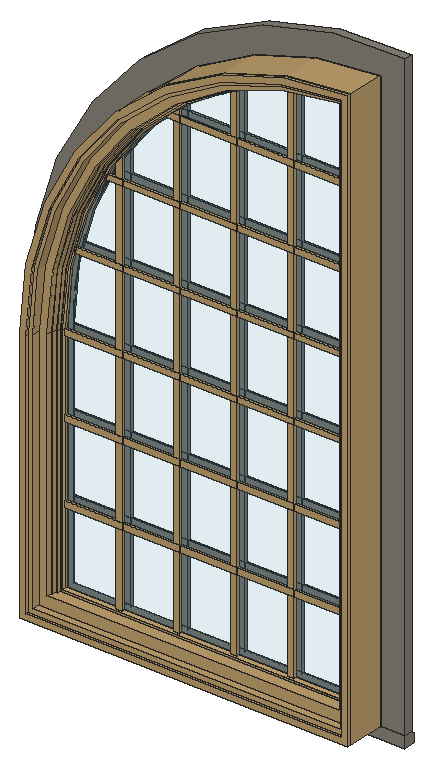
Revit family
Parameters (values of type "CUCART4072")
  Window Type = "Clad Ultimate Casement Round Top RT10"
  URL = "www.marvin.com"
  Subsill Height_2 = if(Subsill A217, 0' 1 11/32", 0' 0 9/16")  # 0' - 1 11/32"
  Subsill Height = if(Subsill A217 Visibility, 0' 1 11/32", if(Subsill A246 Visibility, 0' 0 9/16", 0' 0"))  # 0' - 1 11/32"
  Subsill A246 Visibility = and(Subsill Visibility, Subsill A246)  # no
  Subsill A217 Visibility = and(Subsill Visibility, Subsill A217)  # yes
  Plan Swing Angle [instance] = 15.00°
  Muntins Interior Visibility = yes
  Muntins Interior Material = Wood-Marvin-Pine
  Muntins Exterior Visibility = yes
  Muntins Exterior Material = Aluminum-Marvin-Bronze
  Mask Offset [instance] = if(Inset to Installation Flange = 0' 1 3/32", 0' 0 1/32", 0' 0")  # 0' - 0"
  Lites Wide = 5
  Lites High = 7
  Label Egress = if(and(Width > 2' 3 1/8", Height > 5' 11"), "EGRESS WDW", "")  # "EGRESS WDW"
  Interior Material = Wood-Marvin-Pine
  Frame = "Aluminum Clad"
  Flat Casing Visibility = and(Casing Visibility, Flat Casing)  # yes
  Egress Window = "No"
  Design Pressure = "DP50"
  Daylight Area = (3.1416 * DLO Radius ^ 2) / 4 + ((DLO Height - DLO Radius) * DLO Width) - (0' 2 29/32" * DLO Radius)  # 13.4555 SF
  Cladding Material = Aluminum-Marvin-Bronze
  Casing Width_2 = if(BMC, 0' 1 5/16", 0' 3")  # 0' - 3"
  Casing Visibility = yes
  Subsill Visibility = yes
  BMC Visibility = and(Casing Visibility, BMC)  # no
  BMC = no
  Flat Casing = not(BMC)  # yes
  Subsill A246 = no
  Subsill A217 = not(Subsill A246)  # yes
  Plan Swing Visibility [instance] = yes
  Glazing Material = Glass-Marvin-IG Low E II with Argon
  Springline = Height - Radius  # 2' - 7 1/8"
  Radius = Width  # 3' - 4"
  Nominal Width = 3' - 4"
  Nominal Height = 6' - 0"
  Model = "CUCART4072"
  Mask [instance] = Inset to Installation Flange > 0' 1 3/32"  # no
  Manufacturer = "Marvin Windows and Doors"
  Label Visibility = no
  Glass Type = "IG Low E II with Argon"
  Family created by = "www.rbuiltcomponents.com"
  Rough Width = Width + 0' 1"  # 3' - 5"
  Rough Height = Height + 0' 0 1/2"  # 5' - 11 5/8"
  Jamb Extension Visibility = yes
  Inset to Installation Flange [instance] = 0' - 1"
  Height = Nominal Height - 0' 0 7/8"  # 5' - 11 1/8"
  Elev Swing Visibility [instance] = yes
  Description = "4072 CSMT RT10"
  Default Head Height = 8' - 0"
  Wall Closure = (empty or 0)
  Width = Nominal Width  # 3' - 4"
  DLO Radius = Radius - 0' 2 29/32"  # 3' - 1 3/32"
  DLO Width = Width - 0' 5 13/16"  # 2' - 10 3/16"
  DLO Height = Height - 0' 5 13/16"  # 5' - 5 5/16"
  Casing Width = if(BMC Visibility, 0' 1 5/16", if(Flat Casing Visibility, 0' 3", 0' 0"))  # 0' - 3"
  Casing Radius = Radius + Casing Width  # 3' - 7"
  Assembly Code = ""
Reference planes (in)
  plane 1 "Center (Front/Back)": y = 0
  plane 2: z = 0
  plane 3 "Center (Left/Right)": x = -3
  plane 4 "Left": x = -23
  plane 5 "Right": x = 17
  plane 6 "Sill": z = 24.875
  plane 7 "Top": z = 96
  plane 8 "Inset": y = 2
  plane 9 "Glazing": y = 1.53125
  plane 10 "Jamb Ext Face": y = -2.5625
  plane 11: z = 56
  plane 12: z = 60.4375
  plane 13: y = -2.59375
Forms (in)
  Sweep 1, solid, material "Wood-Marvin-Pine" <- "Interior Material"
    path origin (0, 2, 0) x (1, 0, 0) y (0, 0, 1)
      loop
        line (-23, 56) -> (-23, 24.875) -> (17, 24.875) -> (17, 96)
        arc (17, 96) -> (-11.28427, 84.28427) -> (-23, 56) r 40
    profile "Profile_Ext_Clad_Frame : Profile_Ext_Clad_Frame" origin (-23, 2, 40.4375) x (1, 0, 0) y (0, -1, 0)
      loop
        line (0, 4.56199) -> (0, 0.0625) -> (0.0625, 0.0625) -> (0.0625, 0) -> (0, 0) -> (0, -1.09401) -> (0.52105, -1.09401) -> (0.6063, 0.125) -> (2.696, 0.125) -> (2.696, 0.22017) -> (2.90625, 0.43042) -> (2.90625, 0.47297) -> (2.208, 0.47297) -> (2.208, 1.50299) -> (2.90625, 1.50299) -> (2.90625, 1.66374) -> (2.677, 1.89299) -> (2.677, 2) -> (2.5005, 2) -> (2.5005, 2.34399) -> (2.313, 2.34399) -> (2.313, 2.87449) -> (2.1255, 2.87449) -> (2.1255, 3.53074) -> (1.188, 3.53074) -> (1.188, 4.56199) -> (0, 4.56199)
  Extrusion 2, solid, material "Glass-Marvin-IG Low E II with Argon" <- "Glazing Material"
    sketch origin (0, 1.53125, 0) x (1, 0, 0) y (0, 0, 1)
      loop
        line (14.792, 27.083) -> (14.792, 93.72744)
        arc (14.792, 93.72744) -> (-10.49254, 81.93059) -> (-20.792, 56) r 37.792
        line (-20.792, 56) -> (-20.792, 27.083) -> (14.792, 27.083)
    from 0 to 1.03424
  Extrusion 3, void
    sketch origin (0, 0, 0) x (1, 0, 0) y (0, 0, 1)
      loop
        line (17, 24.875) -> (17, 96)
        arc (17, 96) -> (-11.28427, 84.28427) -> (-23, 56) r 40
        line (-23, 56) -> (-23, 24.875) -> (17, 24.875)
    from -2 to 3
  Extrusion 4, void
    sketch origin (0, 0, 0) x (1, 0, 0) y (0, 0, 1)
      loop
        line (20, 23.53125) -> (20, 98.89522)
        arc (20, 98.89522) -> (-12.32576, 87.44837) -> (-26, 56) r 43
        line (-26, 56) -> (-26, 23.53125) -> (20, 23.53125)
    from -2 to -3.12756
  Sweep 5, solid, material "Aluminum-Marvin-Bronze" <- "Cladding Material", visible <- "BMC Visibility"
    path origin (0, 2, 0) x (1, 0, 0) y (0, 0, 1)
      loop
        line (17, 24.875) -> (17, 96)
        arc (17, 96) -> (-11.28427, 84.28427) -> (-23, 56) r 40
        line (-23, 56) -> (-23, 24.875)
    profile "BMC_Clad : BMC_Clad" origin (-23, 2, 40.4375) x (1, 0, 0) y (0, -1, 0)
      loop
        line (-0.71589, -1.25) -> (-0.38081, -1.09375) -> (0, -1.09375) -> (0, 0) -> (-1.3125, 0) -> (-1.3125, -1.25) -> (-0.71589, -1.25)
  Sweep 6, solid, material "Aluminum-Marvin-Bronze" <- "Cladding Material", visible <- "Flat Casing Visibility"
    path origin (0, 2, 0) x (1, 0, 0) y (0, 0, 1)
      loop
        line (-23, 24.875) -> (-23, 56)
        arc (-23, 56) -> (-11.28427, 84.28427) -> (17, 96) r 40
        line (17, 96) -> (17, 24.875)
    profile "Flat_Casing_Clad : Flat_Casing_Clad" origin (17, 2, 60.4375) x (1, 0, 0) y (0, -1, 0)
      loop
        line (3, -1.09375) -> (3, 0) -> (0, 0) -> (0, -1.09375) -> (3, -1.09375)
  Sweep 7, solid, material "Aluminum-Marvin-Bronze" <- "Cladding Material", visible <- "Subsill Visibility"
    path origin (0, 2, 0) x (1, 0, 0) y (0, 0, 1)
      loop
        line (20, 24.875) -> (-26, 24.875)
    profile origin (-3, 2, 24.875) x (0, 0, -1) y (0, -1, 0)
      loop
        line (0, 0) -> (0, -1.09401) -> (0.15265, -1.09401) -> (0.1875, -1.34375) -> (1.34375, -1.34375) -> (1.34375, 0) -> (0, 0)
  Extrusion 8, solid, material "Wood-Marvin-Pine" <- "Interior Material", visible <- "Jamb Extension Visibility"
    sketch origin (0, -2.5625, 0) x (1, 0, 0) y (0, 0, 1)
      loop
        line (-23, 24.875) -> (17, 24.875) -> (17, 96)
        arc (17, 96) -> (-11.28427, 84.28427) -> (-23, 56) r 40
        line (-23, 56) -> (-23, 24.875)
      loop
        arc (16.3125, 95.3125) -> (-11.04015, 83.56001) -> (-22.3125, 56.00601) r 39.3125
        line (-22.3125, 56.00601) -> (-22.3125, 25.5625) -> (16.3125, 25.5625) -> (16.3125, 95.3125)
    from 0.4375 to 0.03125
  Sweep 9, solid, material "Wood-Marvin-Pine" <- "Interior Material"
    path in 3D
      loop
        line (-20.8745, -1.53074, 27.0005) -> (14.8745, -1.53074, 27.0005)
    profile "Profile_Sill_Close : Profile_Sill_Close" origin (-3, -1.53074, 27.0005) x (0, 1, 0) y (0, 0, 1)
      loop
        line (0, 0) -> (0.65625, 0) -> (0.65625, 0.1875) -> (1.18675, 0.1875) -> (1.18675, 0.375) -> (0, 0.375) -> (0, 0)
Cuts and joins
  joined: Sweep 1, Sweep 9
Lines and regions (in)
  Masking region 1
    outline origin (0, 0, 24.875) x (0, -1, 0) y (1, 0, 0)
      loop
        line (-3.09401, -23) -> (2.5625, -23) -> (2.5625, 17) -> (-3.09401, 17) -> (-3.09401, -23)
  Masking region 2
    outline origin (-3, 0, 0) x (0, 1, 0) y (0, 0, 1)
      loop
        line (3.09375, 96) -> (-2.5625, 96) -> (-2.5625, 24.875) -> (3.09375, 24.875) -> (3.09375, 96)
  Masking region 3, visible <- "Mask"
    outline origin (0, 0, 24.875) x (0, -1, 0) y (1, 0, 0)
      loop
        line (-3.09401, -26) -> (-3, -26) -> (-3, 20) -> (-3.09401, 20) -> (-3.09401, -26)
  Masking region 4, visible <- "Mask"
    outline origin (-3, 0, 0) x (0, 1, 0) y (0, 0, 1)
      loop
        line (3.09375, 99) -> (3, 99) -> (3, 23.53125) -> (3.09375, 23.53125) -> (3.09375, 99)
  Masking region 5, visible <- "Casing Visibility"
    outline origin (0, 0, 24.875) x (0, -1, 0) y (1, 0, 0)
      loop
        line (-3.09401, -26) -> (-2, -26) -> (-2, -23) -> (-3.09401, -23) -> (-3.09401, -26)
      loop
        line (-3.09401, 17) -> (-2, 17) -> (-2, 20) -> (-3.09401, 20) -> (-3.09401, 17)
  Masking region 6, visible <- "Subsill Visibility"
    outline origin (-3, 0, 0) x (0, 1, 0) y (0, 0, 1)
      loop
        line (3.34375, 23.53125) -> (3.34375, 24.6875) -> (3.09401, 24.72235) -> (3.09401, 24.875) -> (2, 24.875) -> (2, 23.53125) -> (3.34375, 23.53125)
  Masking region 7, visible <- "Casing Visibility"
    outline origin (-3, 0, 0) x (0, 1, 0) y (0, 0, 1)
      loop
        line (3.09375, 99) -> (2, 99) -> (2, 96) -> (3.09375, 96) -> (3.09375, 99)
  Masking region 8
    outline origin (0, 0, 24.875) x (0, -1, 0) y (1, 0, 0)
      loop
        line (2.59375, -23) -> (3, -23) -> (3, 17) -> (2.59375, 17) -> (2.59375, -23)
  Masking region 9
    outline origin (-3, 0, 0) x (0, 1, 0) y (0, 0, 1)
      loop
        line (-2.59375, 96) -> (-3, 96) -> (-3, 24.875) -> (-2.59375, 24.875) -> (-2.59375, 96)
  symbolic lines, style "Jamb Extension", visible <- "Jamb Extension Visibility", detail levels fine
    curve 1: line (-3, -3, 95.3125) -> (-3, -2.59375, 95.3125)
    curve 2: line (-3, -3, 25.5625) -> (-3, -2.59375, 25.5625)
    curve 49: line (-22.3125, -2.59375, 24.875) -> (-22.3125, -3, 24.875)
    curve 50: line (16.3125, -3, 24.875) -> (16.3125, -2.59375, 24.875)
    curve 51: line (17, -3, 24.875) -> (16.3125, -3, 24.875)
    curve 52: line (-22.3125, -3, 24.875) -> (-23, -3, 24.875)
  symbolic lines, style "WindowsFrameMullionProjection", detail levels coarse+medium
    curve 3: line (17, -2.5625, 24.875) -> (15.812, -2.5625, 24.875)
    curve 4: line (15.812, -2.5625, 24.875) -> (15.812, 3.09401, 24.875)
    curve 5: line (15.812, 3.09401, 24.875) -> (17, 3.09401, 24.875)
    curve 6: line (15.812, 1.875, 24.875) -> (14.09375, 1.875, 24.875)
    curve 7: line (14.09375, 1.875, 24.875) -> (14.09375, 0, 24.875)
    curve 8: line (-21.812, 0, 24.875) -> (-20.09375, 0, 24.875)
    curve 9: line (-23, -2.5625, 24.875) -> (-21.812, -2.5625, 24.875)
    curve 10: line (-21.812, -2.5625, 24.875) -> (-21.812, 3.09401, 24.875)
    curve 11: line (-21.812, 3.09401, 24.875) -> (-23, 3.09401, 24.875)
    curve 12: line (-20.09375, 1.875, 24.875) -> (-20.09375, 0, 24.875)
    curve 13: line (-3, 3.09401, 96) -> (-3, 3.09401, 94.812)
    curve 14: line (-3, 3.09401, 94.812) -> (-3, -2.5625, 94.812)
    curve 15: line (-3, -2.5625, 94.812) -> (-3, -2.5625, 96)
    curve 16: line (-3, 1.875, 94.812) -> (-3, 1.875, 93.09375)
    curve 17: line (-3, 1.875, 93.09375) -> (-3, 0, 93.09375)
    curve 18: line (-3, 0, 26.063) -> (-3, 0, 27.78125)
    curve 19: line (-3, 3.09401, 24.875) -> (-3, 3.09401, 26.063)
    curve 20: line (-3, 3.09401, 26.063) -> (-3, -2.5625, 26.063)
    curve 21: line (-3, -2.5625, 26.063) -> (-3, -2.5625, 24.875)
    curve 22: line (-3, 1.875, 27.78125) -> (-3, 0, 27.78125)
    curve 23: line (14.09375, 1.875, 24.875) -> (-20.09375, 1.875, 24.875)
    curve 24: line (14.09375, 0, 24.875) -> (15.812, 0, 24.875)
    curve 25: line (-20.09375, 1.875, 24.875) -> (-21.812, 1.875, 24.875)
    curve 26: line (-3, 0, 27.78125) -> (-3, 0, 93.09375)
    curve 27: line (-3, 1.875, 27.78125) -> (-3, 1.875, 26.063)
    curve 28: line (-3, 0, 93.09375) -> (-3, 0, 94.812)
    curve 29: line (-3, 1.875, 93.09375) -> (-3, 1.875, 27.78125)
    curve 38: line (-20.09375, 0, 24.875) -> (14.09375, 0, 24.875)
    curve 73: line (-3, -3, 96) -> (-3, 3.09375, 96)
    curve 84: line (-23, 3.09375, 24.875) -> (-23, -3, 24.875)
    curve 85: line (17, -3, 24.875) -> (17, 3.09375, 24.875)
  symbolic lines, style "WindowsFrameMullionProjection"
    curve 30: line (-3, -2.5625, 26.063) -> (-3, -2.5625, 95.3125)
  symbolic lines, style "Jamb Extension", visible <- "Jamb Extension Visibility"
    curve 31: line (-3, -3, 25.5625) -> (-3, -3, 24.875)
    curve 32: line (-3, -3, 95.3125) -> (-3, -3, 96)
  symbolic lines, style "WindowsFrameMullionProjection", visible <- "Jamb Extension Visibility", detail levels coarse+medium
    curve 33: line (-3, -2.59375, 95.3125) -> (-3, -3, 95.3125)
    curve 34: line (-3, -3, 95.3125) -> (-3, -3, 96)
    curve 35: line (-3, -2.59375, 25.5625) -> (-3, -3, 25.5625)
    curve 36: line (-3, -3, 25.5625) -> (-3, -3, 24.875)
    curve 53: line (-22.3125, -2.59375, 24.875) -> (-22.3125, -3, 24.875)
    curve 54: line (-23, -3, 24.875) -> (-22.3125, -3, 24.875)
    curve 55: line (16.3125, -3, 24.875) -> (16.3125, -2.59375, 24.875)
    curve 56: line (16.3125, -3, 24.875) -> (17, -3, 24.875)
  symbolic lines, style "WindowsGlassProjection", detail levels coarse+medium
    curve 37: line (-20.09375, 0.9375, 24.875) -> (14.09375, 0.9375, 24.875)
    curve 69: line (-3, 0.9375, 27.78125) -> (-3, 0.9375, 93.09375)
  symbolic lines, style "Jamb Extension", visible <- "BMC Visibility", detail levels fine
    curve 39: line (-24.3125, 3.25, 24.875) -> (-23.71589, 3.25, 24.875)
    curve 40: line (-23.71589, 3.25, 24.875) -> (-23.38081, 3.09375, 24.875)
    curve 41: line (-24.3125, 3.09401, 24.875) -> (-24.3125, 3.25, 24.875)
    curve 42: line (17.71589, 3.25, 24.875) -> (18.3125, 3.25, 24.875)
    curve 43: line (17.38081, 3.09375, 24.875) -> (17.71589, 3.25, 24.875)
    curve 44: line (18.3125, 3.25, 24.875) -> (18.3125, 3.09401, 24.875)
    curve 45: line (-23.38081, 3.09375, 24.875) -> (-23, 3.09375, 24.875)
    curve 46: line (17.38081, 3.09375, 24.875) -> (17, 3.09375, 24.875)
    curve 75: line (-3, 3.25, 96.65144) -> (-3, 3.25, 99)
    curve 76: line (-3, 3.09375, 96) -> (-3, 3.09375, 96.38081)
    curve 77: line (-3, 3.09375, 96.38081) -> (-3, 3.25, 96.65144)
    curve 78: line (-3, 3.25, 99) -> (-3, 3.09375, 99)
  symbolic lines, style "Jamb Extension", visible <- "Flat Casing Visibility", detail levels fine
    curve 47: line (-23, 3.09401, 24.875) -> (-26, 3.09401, 24.875)
    curve 48: line (20, 3.09401, 24.875) -> (17, 3.09401, 24.875)
    curve 82: line (-3, 3.09375, 96) -> (-3, 3.09375, 99)
    curve 83: line (-3, 3.09375, 99) -> (-3, 2, 99)
  symbolic lines, style "WindowsFrameMullionProjection", visible <- "BMC Visibility", detail levels coarse+medium
    curve 57: line (-24.3125, 2, 24.875) -> (-24.3125, 3.25, 24.875)
    curve 58: line (-24.3125, 3.25, 24.875) -> (-23.71589, 3.25, 24.875)
    curve 59: line (-23.71589, 3.25, 24.875) -> (-23.38081, 3.09375, 24.875)
    curve 60: line (-23.38081, 3.09375, 24.875) -> (-23, 3.09375, 24.875)
    curve 61: line (18.3125, 3.25, 24.875) -> (18.3125, 2, 24.875)
    curve 62: line (17.38081, 3.09375, 24.875) -> (17.71589, 3.25, 24.875)
    curve 63: line (17.71589, 3.25, 24.875) -> (18.3125, 3.25, 24.875)
    curve 64: line (17, 3.09375, 24.875) -> (17.38081, 3.09375, 24.875)
    curve 70: line (-3, 3.25, 96.65144) -> (-3, 3.25, 99)
    curve 71: line (-3, 3.09375, 96) -> (-3, 3.09375, 96.38081)
    curve 72: line (-3, 3.09375, 96.38081) -> (-3, 3.25, 96.65144)
    curve 74: line (-3, 3.25, 99) -> (-3, 2, 99)
  symbolic lines, style "WindowsFrameMullionProjection", visible <- "Flat Casing Visibility", detail levels coarse+medium
    curve 65: line (20, 3.09401, 24.875) -> (17, 3.09401, 24.875)
    curve 66: line (20, 3.09401, 24.875) -> (20, 2, 24.875)
    curve 67: line (-26, 2, 24.875) -> (-26, 3.09401, 24.875)
    curve 68: line (-23, 3.09401, 24.875) -> (-26, 3.09401, 24.875)
    curve 80: line (-3, 3.09375, 96) -> (-3, 3.09375, 99)
    curve 81: line (-3, 3.09375, 99) -> (-3, 2, 99)
  symbolic lines, style "WindowsFrameMullionProjection", visible <- "Casing Visibility", detail levels coarse+medium
    curve 79: line (-3, 2, 99) -> (-3, 2, 96)
  symbolic lines, style "WindowsFrameMullionProjection", visible <- "Subsill Visibility", detail levels coarse+medium
    curve 86: line (-3, 3.09401, 24.72235) -> (-3, 3.09401, 24.875)
    curve 87: line (-3, 3.34375, 24.6875) -> (-3, 3.09401, 24.72235)
    curve 88: line (-3, 3.34375, 23.53125) -> (-3, 3.34375, 24.6875)
    curve 89: line (-3, 2, 23.53125) -> (-3, 3.34375, 23.53125)
  sketch lines
    curve 90: line (-20.8745, -1.53074, 27.0005) -> (14.8745, -1.53074, 27.0005)
  symbolic lines, style "Elevation Swing", visible <- "Elev Swing Visibility"
    curve 91: line (16.3937, 0, 60.43517) -> (-22.3937, 0, 25.4813)
    curve 92: line (16.3937, 0, 60.43517) -> (-11.28427, 0, 84.28427)
  reference lines
    curve 93: line (-23, 2, 56) -> (17, 2, 96)
    curve 94: arc (-23, 2, 56) -> (-11.28427, 2, 84.28427) -> (17, 2, 96) r 40
    curve 95: line (-3, 2, 76) -> (-11.28427, 2, 84.28427)
Text (in)
  text "EXTERIOR" at (-58.6888, 50.90694, 0), in view "Ref. Level"
  text "INTERIOR" at (-58.6888, -37.76638, 0), in view "Ref. Level"
  text "Exterior" at (0, 43.65631, 123.19604), in view "Left"
  text "Exterior" at (0, 18.29385, 125.04747), in view "Right"
Dimensions and locks (in)
  equal spacing: plane 4 "Left", plane 3 "Center (Left/Right)", plane 5 "Right"
  "Width": plane 4 "Left" to plane 5 "Right"
  "Height": plane 6 "Sill" to plane 7 "Top"
  "Inset to Installation Flange": host wall to plane 8 "Inset"
  locked: plane 9 "Glazing" to plane 8 "Inset" at 0.46875
  locked: plane 10 "Jamb Ext Face" to plane 8 "Inset" at 4.5625
  "Default Head Height": plane 2 to plane 7 "Top"
  locked: nested 2 to host wall at 12.00106
  locked: plane 9 "Glazing" to Extrusion 2 at 1.03424
  "Springline": plane 6 "Sill" to plane 11
  locked: curve 33 to plane 7 "Top" at 0.6875
  locked: plane 6 "Sill" to curve 35 at 0.6875
  equal spacing: plane 6 "Sill", plane 12, plane 7 "Top"
  "Subsill Height": Extrusion 4 sketch curve to plane 6 "Sill"
  "Casing Width": Extrusion 4 sketch curve to plane 4 "Left"
  "Casing Width": plane 5 "Right" to Extrusion 4 sketch curve
  "Casing Width": plane 5 "Right" to Sweep 7 sketch curve
  "Casing Width": Sweep 7 sketch curve to plane 4 "Left"
  locked: Sweep 7 sketch curve to Sweep 7 sketch curve at 1.34375
  "Subsill Height_2": Sweep 7 sketch curve to plane 6 "Sill"
  locked: plane 4 "Left" to Extrusion 8 sketch curve at 0.6875
  locked: Extrusion 8 sketch curve to plane 5 "Right" at 0.6875
  locked: Extrusion 8 sketch curve to plane 6 "Sill" at 0.6875
  "Casing Width": Masking region 3 sketch curve to plane 4 "Left"
  "Casing Width": plane 5 "Right" to Masking region 3 sketch curve
  "Casing Width_2": Masking region 5 sketch curve to plane 4 "Left"
  "Casing Width_2": plane 5 "Right" to Masking region 5 sketch curve
  locked: Extrusion 4 to host wall at 0.12756
  "Subsill Height": Masking region 4 sketch curve to plane 6 "Sill"
  "Casing Width": plane 7 "Top" to Masking region 4 sketch curve
  "Casing Width_2": plane 7 "Top" to Masking region 7 sketch curve
  locked: Extrusion 8 sketch curve to plane 7 "Top" at 0.6875
  locked: plane 9 "Glazing" to nested 5 at 1.03125
  locked: plane 13 to plane 10 "Jamb Ext Face" at 0.03125
  "Mask Offset": Masking region 3 sketch curve to host wall
  "Mask Offset": Masking region 4 sketch curve to host wall
  "Radius": radius of Sweep 1 sketch curve
  "Radius": radius of Extrusion 3 sketch curve
  "Radius": radius of Sweep 6 sketch curve
  "Radius": radius of Sweep 5 sketch curve
  "Casing Radius": radius of Extrusion 4 sketch curve
  "Radius": radius of Extrusion 8 sketch curve
  "Radius": radius of curve 94
  aligned and locked: nested 1 to plane 3 "Center (Left/Right)"
  aligned and locked: plane 8 "Inset" to nested 1
  aligned and locked: Sweep 1 sketch curve to plane 6 "Sill"
  aligned and locked: plane 5 "Right" to Sweep 1 sketch curve  (x2)
  aligned and locked: plane 5 "Right" to Masking region 1 sketch curve
  aligned and locked: Masking region 1 sketch curve to plane 4 "Left"
  aligned and locked: plane 7 "Top" to Masking region 2 sketch curve
  aligned and locked: Masking region 2 sketch curve to plane 6 "Sill"
  aligned and locked: plane 3 "Center (Left/Right)" to nested 2
  aligned and locked: curve 21 to plane 10 "Jamb Ext Face"
  aligned and locked: curve 20 to curve 30
  aligned and locked: plane 6 "Sill" to curve 31
  aligned and locked: curve 31 to host wall
  aligned and locked: host wall to curve 34
  aligned and locked: plane 6 "Sill" to curve 36
  aligned and locked: Extrusion 2 to plane 9 "Glazing"
  aligned and locked: plane 9 "Glazing" to Extrusion 2
  aligned and locked: nested 3 to plane 6 "Sill"
  aligned and locked: curve 14 to nested 3
  aligned and locked: curve 13 to nested 3
  aligned and locked: curve 16 to nested 3
  aligned and locked: curve 28 to nested 3
  aligned and locked: curve 17 to nested 3
  aligned and locked: curve 19 to nested 3
  aligned and locked: curve 20 to nested 3
  aligned and locked: curve 22 to nested 3
  aligned and locked: curve 27 to nested 3
  aligned and locked: nested 3 to curve 18
  aligned and locked: Sweep 1 to Extrusion 2 sketch curve
  aligned and locked: Extrusion 2 sketch curve to Sweep 1
  aligned and locked: Extrusion 3 to plane 8 "Inset"
  aligned and locked: host wall to Extrusion 3
  aligned and locked: plane 5 "Right" to Extrusion 3 sketch curve
  aligned and locked: Extrusion 3 sketch curve to plane 6 "Sill"
  aligned and locked: Extrusion 3 sketch curve to plane 4 "Left"
  aligned and locked: plane 5 "Right" to Sweep 5 sketch curve
  aligned and locked: Sweep 5 sketch curve to plane 4 "Left"
  aligned and locked: plane 6 "Sill" to Sweep 5 sketch curve  (x2)
  aligned and locked: plane 6 "Sill" to Sweep 6 sketch curve  (x2)
  aligned and locked: Sweep 6 sketch curve to plane 4 "Left"
  aligned and locked: plane 6 "Sill" to Sweep 7 sketch curve  (x2)
  aligned and locked: Sweep 7 sketch curve to plane 8 "Inset"
  aligned and locked: Extrusion 8 sketch curve to plane 4 "Left"
  aligned and locked: Extrusion 8 sketch curve to plane 6 "Sill"
  aligned and locked: plane 5 "Right" to Extrusion 8 sketch curve  (x3)
  aligned and locked: host wall to Extrusion 8
  aligned and locked: Masking region 3 sketch curve to Sweep 1
  aligned and locked: Masking region 1 sketch curve to Sweep 1
  aligned and locked: plane 4 "Left" to Masking region 5 sketch curve
  aligned and locked: Masking region 5 sketch curve to Sweep 1  (x2)
  aligned and locked: Masking region 5 sketch curve to plane 8 "Inset"  (x2)
  aligned and locked: Masking region 5 sketch curve to plane 5 "Right"
  aligned and locked: curve 7 to curve 37
  aligned and locked: curve 12 to curve 38
  aligned and locked: curve 8 to curve 38
  aligned and locked: curve 39 to Sweep 5
  aligned and locked: curve 40 to Sweep 5
  aligned and locked: Sweep 5 to curve 41
  aligned and locked: Sweep 1 to curve 41
  aligned and locked: curve 43 to Sweep 5
  aligned and locked: curve 44 to Sweep 1
  aligned and locked: curve 46 to Sweep 5
  aligned and locked: plane 5 "Right" to curve 46
  aligned and locked: curve 47 to Masking region 5
  aligned and locked: plane 8 "Inset" to Extrusion 4
  aligned and locked: curve 49 to Extrusion 8
  aligned and locked: curve 51 to Extrusion 8
  aligned and locked: Extrusion 8 to curve 53  (x2)
  aligned and locked: curve 55 to Extrusion 8
  aligned and locked: curve 57 to Sweep 5
  aligned and locked: curve 60 to Sweep 5
  aligned and locked: curve 61 to Sweep 5
  aligned and locked: curve 65 to Masking region 5
  aligned and locked: curve 66 to Sweep 6
  aligned and locked: curve 67 to Sweep 6
  aligned and locked: Masking region 2 sketch curve to Sweep 6
  aligned and locked: nested 3 to plane 8 "Inset"
  aligned and locked: Masking region 4 sketch curve to Sweep 6
  aligned and locked: Masking region 6 sketch curve to Sweep 7  (x6)
  aligned and locked: Masking region 7 sketch curve to plane 7 "Top"
  aligned and locked: Masking region 7 sketch curve to plane 8 "Inset"
  aligned and locked: Masking region 7 sketch curve to Sweep 6
  aligned and locked: Sweep 5 to curve 71
  aligned and locked: curve 73 to nested 3
  aligned and locked: curve 74 to Masking region 7
  aligned and locked: Sweep 5 to curve 75
  aligned and locked: curve 79 to Sweep 5
  aligned and locked: curve 83 to Masking region 7
  aligned and locked: curve 84 to Sweep 6
  aligned and locked: curve 85 to Sweep 6
  aligned and locked: curve 86 to Sweep 7
  aligned and locked: curve 87 to Sweep 7
  aligned and locked: curve 88 to Sweep 7
  aligned and locked: curve 89 to Sweep 7
  aligned and locked: curve 25 to nested 1
  aligned and locked: curve 6 to nested 1
  aligned and locked: plane 7 "Top" to Sweep 1 sketch curve
  aligned and locked: plane 7 "Top" to Extrusion 3 sketch curve
  aligned and locked: plane 11 to Extrusion 3 sketch curve
  aligned and locked: plane 7 "Top" to Sweep 6 sketch curve
  aligned and locked: plane 11 to Sweep 6 sketch curve
  aligned and locked: Sweep 6 sketch curve to plane 5 "Right"
  aligned and locked: plane 7 "Top" to Sweep 5 sketch curve
  aligned and locked: plane 11 to Sweep 5 sketch curve
  aligned and locked: plane 11 to Extrusion 4 sketch curve  (x2)
  aligned and locked: plane 11 to Extrusion 8 sketch curve
  aligned and locked: plane 7 "Top" to Extrusion 8 sketch curve
  aligned and locked: Extrusion 2 sketch curve to cut or joined group of Sweep 1, Sweep 9
  aligned and locked: curve 8 to cut or joined group of Sweep 1, Sweep 9
  aligned and locked: cut or joined group of Sweep 1, Sweep 9 to curve 24
  aligned and locked: curve 91 to cut or joined group of Sweep 1, Sweep 9
  aligned and locked: cut or joined group of Sweep 1, Sweep 9 to curve 91
  aligned and locked: plane 5 "Right" to curve 93
  aligned and locked: plane 11 to curve 93
  aligned and locked: plane 7 "Top" to curve 94
  aligned and locked: plane 4 "Left" to curve 94
  aligned and locked: curve 95 to curve 92
  aligned and locked: curve 92 to curve 95
  aligned and locked: host wall to curve 84
  aligned and locked: nested 4 to plane 3 "Center (Left/Right)"
  aligned and locked: nested 4 to plane 12
  aligned and locked: plane 3 "Center (Left/Right)" to nested 5
  aligned and locked: plane 12 to nested 5
  aligned and locked: nested 4 to plane 9 "Glazing"
  aligned and locked: Extrusion 8 to curve 49
  aligned and locked: Extrusion 8 to curve 55
  aligned and locked: Extrusion 8 to curve 50
  aligned and locked: Masking region 1 sketch curve to plane 10 "Jamb Ext Face"
  aligned and locked: Masking region 8 sketch curve to plane 4 "Left"
  aligned and locked: plane 5 "Right" to Masking region 8 sketch curve
  aligned and locked: plane 13 to Masking region 8 sketch curve
  aligned and locked: Masking region 8 sketch curve to host wall
  aligned and locked: Extrusion 8 to curve 33
  aligned and locked: Extrusion 8 to curve 1
  aligned and locked: Extrusion 8 to curve 35
  aligned and locked: Extrusion 8 to curve 2
  aligned and locked: Extrusion 8 to plane 13
  aligned and locked: Masking region 2 sketch curve to plane 10 "Jamb Ext Face"
  aligned and locked: plane 7 "Top" to Masking region 9 sketch curve
  aligned and locked: Masking region 9 sketch curve to plane 6 "Sill"
  aligned and locked: plane 13 to Masking region 9 sketch curve
  aligned and locked: Masking region 9 sketch curve to host wall
Automatic sketch dimensions
  Sweep 7 sketch curve to Sweep 7 sketch curve = 0' - 0.15265"
  Sweep 7 sketch curve to Sweep 7 sketch curve = 0' - 0.03485"
  Sweep 7 sketch curve to Sweep 7 sketch curve = 0' - 0.24974"
  curve 95 to plane 3 "Center (Left/Right)" = 0' - 0"
  curve 91 to plane 4 "Left" = 0' - 0.6063"
  plane 12 to curve 92 = 0' - 0.00233"
  curve 61 to plane 8 "Inset" = 0' - 0"
  curve 67 to plane 8 "Inset" = 0' - 0"
  curve 57 to plane 8 "Inset" = 0' - 0"
  curve 66 to plane 8 "Inset" = 0' - 0"
  curve 11 to plane 4 "Left" = 0' - 0"
  curve 48 to plane 5 "Right" = 0' - 0"
  curve 61 to curve 44 = 0' - 0.15599"
  plane 9 "Glazing" to curve 37 = 0' - 0 19/32"
  curve 8 to plane 4 "Left" = 0' - 1.188"
  curve 25 to curve 12 = 0' - 1.71825"
  plane 5 "Right" to curve 38 = 0' - 2 29/32"
  curve 4 to curve 50 = 0' - 0.5005"
  curve 3 to plane 10 "Jamb Ext Face" = 0' - 0"
  curve 9 to plane 10 "Jamb Ext Face" = 0' - 0"
  curve 15 to plane 10 "Jamb Ext Face" = 0' - 0"
  curve 89 to plane 8 "Inset" = 0' - 0"
  curve 21 to plane 6 "Sill" = 0' - 0"
  curve 86 to plane 6 "Sill" = 0' - 0"
  curve 13 to plane 7 "Top" = 0' - 0"
  curve 79 to plane 7 "Top" = 0' - 0"
  plane 9 "Glazing" to curve 69 = 0' - 0 19/32"
  curve 30 to curve 1 = 0' - 0"
  curve 71 to curve 72 = 0' - 0.38081"
  curve 71 to curve 70 = 0' - 0.27063"
Nested families (in)
  nested 1: "Roundtop_Plan_Detail" at (-3, 2, 24.875) x (-1, 0, 0) z (0, 0, -1), type "Roundtop_Plan_Detail"
    with Width 3' - 4", Plan Swing Length 3' - 1 5/8", Plan Swing LH no
  nested 2: "Label Annotation 1-16 w" at (-3, 15.00106, 0), visible <- "Label Visibility", type "Label Annotation 1-16 w"
  nested 3: "Roundtop_Section_Detail" at (-3, 2, 24.875) x (0, -1, 0) z (1, 0, 0), type "Roundtop_Section_Detail", detail levels fine
    with Height 5' - 11 1/8"
  nested 4: "Muntins" at (-3, 1.53125, -8.21875) x (-1, 0, 0) z (0, 0, 1), Muntin Material <- "Muntins Exterior Material", visible <- "Muntins Exterior Visibility", type "Muntins"
    with Muntin Material Aluminum-Marvin-Bronze
  nested 5: "Muntins" at (-3, 0.5, -8.21875) x (-1, 0, 0) z (0, 0, 1), Muntin Material <- "Muntins Interior Material", visible <- "Muntins Interior Visibility", type "Muntins"
    with Muntin Material Wood-Marvin-Pine
Definition of nested family "Muntins"
  Parameters (values of type "Muntins")
    Springline = 2' - 7 1/8"
    Muntin Radius = Width + 0' 2 7/16"  # 3' - 1 5/16"
    GlazingWidth = 2' - 10 3/16"
    GlazingHeight = 5' - 5 5/16"
    Width = GlazingWidth + 0' 0 11/16"  # 2' - 10 7/8"
    VerticalMuntins = if(LitesHorizontal < 3, 2, LitesHorizontal - 1)  # 4
    VertMuntVisible = LitesHorizontal > 2  # yes
    MuntinWidth = 0' - 0 3/4"
    MuntinDepth = 0' - 0 1/4"
    Muntin Material [instance] = none
    LitesVertical = 7
    LitesHorizontal = 5
    HorizontalMuntins = if(LitesVertical < 3, 2, LitesVertical - 1)  # 6
    HorizMuntVisible = LitesVertical > 2  # yes
    Height = GlazingHeight + 0' 0 7/16"  # 5' - 5 3/4"
    Inset Vert = if(LitesHorizontal < 3, (Width / 3) - (MuntinWidth / 2), (Width / LitesHorizontal) - (MuntinWidth / 2))  # 0' - 6.6"
    Inset Horiz = if(LitesVertical < 3, (Height / 3) - (MuntinWidth / 2), (Height / LitesVertical) - (MuntinWidth / 2))  # 0' - 9.01786"
    CenterMuntinVertical = LitesHorizontal = 2  # no
    CenterMuntinHorizontal = LitesVertical = 2  # no
    Assembly Code = ""
  Reference planes (in)
    plane 1 "Center (Front/Back)": y = 0
    plane 2: z = 0
    plane 3 "Center (Left/Right)": x = 0
    plane 4: z = 35.78125
    plane 5: z = 68.65625
    plane 6: z = 101.53125
    plane 7: z = 92.51339
    plane 8: z = 44.79911
    plane 9: z = 101.3125
    plane 10: z = 36
    plane 11: x = -17.09375
    plane 12: x = 17.09375
    plane 13: x = -10.8375
    plane 14: x = -17.4375
    plane 15: x = 17.4375
    plane 16: x = 10.8375
    plane 17: z = 33.09375
    plane 18: z = 64.21875
    plane 19: x = -20
    plane 20: x = 20
    plane 21: z = 104.21875
  Forms (in)
    Extrusion 1, solid, material <- "Muntin Material", visible <- "CenterMuntinVertical", detail levels medium+fine
      sketch origin (9, 0, 0) x (1, 0, 0) y (0, 0, 1)
        loop
          line (-9.375, 101.53125) -> (-9.375, 35.78125) -> (-8.625, 35.78125) -> (-8.625, 101.53125) -> (-9.375, 101.53125)
      from 0 to 0.25 <- "MuntinDepth"
    Extrusion 2, solid, material <- "Muntin Material", visible <- "CenterMuntinHorizontal", detail levels medium+fine
      sketch origin (-0.0013, 0, 14.6875) x (1, 0, 0) y (0, 0, 1)
        loop
          line (-17.4362, 54.34375) -> (-17.4362, 53.59375) -> (17.4388, 53.59375) -> (17.4388, 54.34375) -> (-17.4362, 54.34375)
      from 0 to 0.25 <- "MuntinDepth"
    Extrusion 3, solid, material <- "Muntin Material", visible <- "VertMuntVisible", detail levels medium+fine
      sketch origin (-0.44762, 0, -2.90625) x (1, 0, 0) y (0, 0, 1)
        loop
          line (-10.38988, 104.4375) -> (-10.38988, 38.6875) -> (-9.63988, 38.6875) -> (-9.63988, 104.4375) -> (-10.38988, 104.4375)
      from 0 to 0.25 <- "MuntinDepth"
    Extrusion 4, solid, material <- "Muntin Material", visible <- "HorizMuntVisible", detail levels medium+fine
      sketch origin (2.1224, 0, -1.09821) x (1, 0, 0) y (0, 0, 1)
        loop
          line (-19.5599, 46.64732) -> (-19.5599, 45.89732) -> (15.3151, 45.89732) -> (15.3151, 46.64732) -> (-19.5599, 46.64732)
      from 0 to 0.25 <- "MuntinDepth"
    Extrusion 5, solid, material <- "Muntin Material", visible <- "CenterMuntinVertical", detail levels coarse
      sketch origin (9, 0, 0) x (1, 0, 0) y (0, 0, 1)
        loop
          line (-9.03125, 101.53125) -> (-9.03125, 35.78125) -> (-8.96875, 35.78125) -> (-8.96875, 101.53125) -> (-9.03125, 101.53125)
      from 0 to 0.0625
    Extrusion 6, solid, material <- "Muntin Material", visible <- "VertMuntVisible", detail levels coarse
      sketch origin (-0.46324, 0, 0) x (1, 0, 0) y (0, 0, 1)
        loop
          line (-10.01488, 101.53125) -> (-10.01488, 35.78125) -> (-9.98363, 35.78125) -> (-9.98363, 101.53125) -> (-10.01488, 101.53125)
      from 0 to 0.0625
    Extrusion 7, solid, material <- "Muntin Material", visible <- "CenterMuntinHorizontal", detail levels coarse
      sketch origin (-0.0013, 0, 14.6875) x (1, 0, 0) y (0, 0, 1)
        loop
          line (-17.4362, 54) -> (-17.4362, 53.9375) -> (17.4388, 53.9375) -> (17.4388, 54) -> (-17.4362, 54)
      from 0 to 0.0625
    Extrusion 8, solid, material <- "Muntin Material", visible <- "HorizMuntVisible", detail levels coarse
      sketch origin (-3.8763, 0, -3.73884) x (1, 0, 0) y (0, 0, 1)
        loop
          line (-13.5612, 48.95982) -> (-13.5612, 48.89732) -> (21.3138, 48.89732) -> (21.3138, 48.95982) -> (-13.5612, 48.95982)
      from 0 to 0.0625
    Extrusion 9, solid, material <- "Muntin Material", visible <- "VertMuntVisible", detail levels medium+fine
      sketch origin (20.47738, 0, -2.90625) x (1, 0, 0) y (0, 0, 1)
        loop
          line (-10.38988, 104.4375) -> (-10.38988, 38.6875) -> (-9.63988, 38.6875) -> (-9.63988, 104.4375) -> (-10.38988, 104.4375)
      from 0 to 0.25 <- "MuntinDepth"
    Extrusion 10, solid, material <- "Muntin Material", visible <- "VertMuntVisible", detail levels coarse
      sketch origin (20.46176, 0, 0) x (1, 0, 0) y (0, 0, 1)
        loop
          line (-10.01488, 101.53125) -> (-10.01488, 35.78125) -> (-9.98363, 35.78125) -> (-9.98363, 101.53125) -> (-10.01488, 101.53125)
      from 0 to 0.0625
    Extrusion 11, solid, material <- "Muntin Material", visible <- "VertMuntVisible", detail levels medium+fine
      sketch origin (6.52738, 0, -2.90625) x (1, 0, 0) y (0, 0, 1)
        loop
          line (-10.38988, 104.4375) -> (-10.38988, 38.6875) -> (-9.63988, 38.6875) -> (-9.63988, 104.4375) -> (-10.38988, 104.4375)
      from 0 to 0.25 <- "MuntinDepth"
    Extrusion 12, solid, material <- "Muntin Material", visible <- "VertMuntVisible", detail levels coarse
      sketch origin (6.51176, 0, 0) x (1, 0, 0) y (0, 0, 1)
        loop
          line (-10.01488, 101.53125) -> (-10.01488, 35.78125) -> (-9.98363, 35.78125) -> (-9.98363, 101.53125) -> (-10.01488, 101.53125)
      from 0 to 0.0625
    Extrusion 13, solid, material <- "Muntin Material", visible <- "HorizMuntVisible", detail levels medium+fine
      sketch origin (2.1224, 0, 45.86607) x (1, 0, 0) y (0, 0, 1)
        loop
          line (-19.5599, 46.64732) -> (-19.5599, 45.89732) -> (15.3151, 45.89732) -> (15.3151, 46.64732) -> (-19.5599, 46.64732)
      from 0 to 0.25 <- "MuntinDepth"
    Extrusion 14, solid, material <- "Muntin Material", visible <- "HorizMuntVisible", detail levels coarse
      sketch origin (-3.8763, 0, 43.22545) x (1, 0, 0) y (0, 0, 1)
        loop
          line (-13.5612, 48.95982) -> (-13.5612, 48.89732) -> (21.3138, 48.89732) -> (21.3138, 48.95982) -> (-13.5612, 48.95982)
      from 0 to 0.0625
    Extrusion 15, solid, material <- "Muntin Material", visible <- "HorizMuntVisible", detail levels medium+fine
      sketch origin (2.1224, 0, 8.29464) x (1, 0, 0) y (0, 0, 1)
        loop
          line (-19.5599, 46.64732) -> (-19.5599, 45.89732) -> (15.3151, 45.89732) -> (15.3151, 46.64732) -> (-19.5599, 46.64732)
      from 0 to 0.25 <- "MuntinDepth"
    Extrusion 16, solid, material <- "Muntin Material", visible <- "HorizMuntVisible", detail levels coarse
      sketch origin (-3.8763, 0, 5.65402) x (1, 0, 0) y (0, 0, 1)
        loop
          line (-13.5612, 48.95982) -> (-13.5612, 48.89732) -> (21.3138, 48.89732) -> (21.3138, 48.95982) -> (-13.5612, 48.95982)
      from 0 to 0.0625
    Extrusion 17, solid, material <- "Muntin Material", visible <- "HorizMuntVisible", detail levels medium+fine
      sketch origin (2.1224, 0, 17.6875) x (1, 0, 0) y (0, 0, 1)
        loop
          line (-19.5599, 46.64732) -> (-19.5599, 45.89732) -> (15.3151, 45.89732) -> (15.3151, 46.64732) -> (-19.5599, 46.64732)
      from 0 to 0.25 <- "MuntinDepth"
    Extrusion 18, solid, material <- "Muntin Material", visible <- "HorizMuntVisible", detail levels coarse
      sketch origin (-3.8763, 0, 15.04687) x (1, 0, 0) y (0, 0, 1)
        loop
          line (-13.5612, 48.95982) -> (-13.5612, 48.89732) -> (21.3138, 48.89732) -> (21.3138, 48.95982) -> (-13.5612, 48.95982)
      from 0 to 0.0625
    Extrusion 19, solid, material <- "Muntin Material", visible <- "VertMuntVisible", detail levels medium+fine
      sketch origin (13.50238, 0, -2.90625) x (1, 0, 0) y (0, 0, 1)
        loop
          line (-10.38988, 104.4375) -> (-10.38988, 38.6875) -> (-9.63988, 38.6875) -> (-9.63988, 104.4375) -> (-10.38988, 104.4375)
      from 0 to 0.25 <- "MuntinDepth"
    Extrusion 20, solid, material <- "Muntin Material", visible <- "VertMuntVisible", detail levels coarse
      sketch origin (13.48676, 0, 0) x (1, 0, 0) y (0, 0, 1)
        loop
          line (-10.01488, 101.53125) -> (-10.01488, 35.78125) -> (-9.98363, 35.78125) -> (-9.98363, 101.53125) -> (-10.01488, 101.53125)
      from 0 to 0.0625
    Extrusion 21, void
      sketch origin (0, 0, 0) x (1, 0, 0) y (0, 0, 1)
        loop
          line (-20, 104.21875) -> (-20, 101.53125)
          arc (-20, 101.53125) -> (6.38392, 90.60267) -> (17.3125, 64.21875) r 37.3125
          line (17.3125, 64.21875) -> (17.3125, 33.09375) -> (20, 33.09375) -> (20, 104.21875) -> (-20, 104.21875)
      from 0 to 12
    Extrusion 22, solid, material <- "Muntin Material", visible <- "HorizMuntVisible", detail levels medium+fine
      sketch origin (2.1224, 0, 27.08036) x (1, 0, 0) y (0, 0, 1)
        loop
          line (-19.5599, 46.64732) -> (-19.5599, 45.89732) -> (15.3151, 45.89732) -> (15.3151, 46.64732) -> (-19.5599, 46.64732)
      from 0 to 0.25 <- "MuntinDepth"
    Extrusion 23, solid, material <- "Muntin Material", visible <- "HorizMuntVisible", detail levels coarse
      sketch origin (-3.8763, 0, 24.43973) x (1, 0, 0) y (0, 0, 1)
        loop
          line (-13.5612, 48.95982) -> (-13.5612, 48.89732) -> (21.3138, 48.89732) -> (21.3138, 48.95982) -> (-13.5612, 48.95982)
      from 0 to 0.0625
    Extrusion 24, solid, material <- "Muntin Material", visible <- "HorizMuntVisible", detail levels medium+fine
      sketch origin (2.1224, 0, 36.47321) x (1, 0, 0) y (0, 0, 1)
        loop
          line (-19.5599, 46.64732) -> (-19.5599, 45.89732) -> (15.3151, 45.89732) -> (15.3151, 46.64732) -> (-19.5599, 46.64732)
      from 0 to 0.25 <- "MuntinDepth"
    Extrusion 25, solid, material <- "Muntin Material", visible <- "HorizMuntVisible", detail levels coarse
      sketch origin (-3.8763, 0, 33.83259) x (1, 0, 0) y (0, 0, 1)
        loop
          line (-13.5612, 48.95982) -> (-13.5612, 48.89732) -> (21.3138, 48.89732) -> (21.3138, 48.95982) -> (-13.5612, 48.95982)
      from 0 to 0.0625
  Cuts and joins
    Extrusion 21 cuts Extrusion 1
    Extrusion 21 cuts Extrusion 3
    Extrusion 21 cuts Extrusion 5
    Extrusion 21 cuts Extrusion 6
    Extrusion 21 cuts Extrusion 9
    Extrusion 21 cuts Extrusion 10
    Extrusion 21 cuts Extrusion 11
    Extrusion 21 cuts Extrusion 12
    Extrusion 21 cuts Extrusion 19
    Extrusion 21 cuts Extrusion 20
    Extrusion 21 cuts Extrusion 13
    Extrusion 21 cuts Extrusion 14
    Extrusion 21 cuts Extrusion 17
    Extrusion 21 cuts Extrusion 18
    Extrusion 21 cuts Extrusion 2
    Extrusion 21 cuts Extrusion 7
    Extrusion 21 cuts Extrusion 15
    Extrusion 21 cuts Extrusion 16
    Extrusion 21 cuts Extrusion 4
    Extrusion 21 cuts Extrusion 8
    Extrusion 21 cuts Extrusion 24
    Extrusion 21 cuts Extrusion 25
    Extrusion 21 cuts Extrusion 22
    Extrusion 21 cuts Extrusion 23
  Dimensions and locks (in)
    "Inset Horiz": plane 6 to plane 7
    "Inset Horiz": plane 8 to plane 4
    equal spacing: plane 6, plane 5, plane 4
    "Height": plane 6 to plane 4
    "GlazingHeight": plane 9 to plane 10
    equal spacing: plane 9, plane 5, plane 10
    "GlazingWidth": plane 12 to plane 11
    equal spacing: plane 12, plane 3 "Center (Left/Right)", plane 11
    "MuntinWidth": Extrusion 1 sketch curve to Extrusion 1 sketch curve
    "Height": Extrusion 1 sketch curve to Extrusion 1 sketch curve
    "MuntinWidth": Extrusion 2 sketch curve to Extrusion 2 sketch curve
    "Width": Extrusion 2 sketch curve to Extrusion 2 sketch curve
    "MuntinWidth": Extrusion 3 sketch curve to Extrusion 3 sketch curve
    "Height": Extrusion 3 sketch curve to Extrusion 3 sketch curve
    "Width": plane 15 to plane 14
    equal spacing: plane 15, plane 3 "Center (Left/Right)", plane 14
    "Inset Vert": plane 13 to plane 14
    "Inset Vert": plane 15 to plane 16
    "MuntinWidth": Extrusion 4 sketch curve to Extrusion 4 sketch curve
    "Width": Extrusion 4 sketch curve to Extrusion 4 sketch curve
    locked: plane 10 to plane 17 at 2.90625
    "Springline": plane 18 to plane 17
    Extrusion 5 sketch curve to plane 3 "Center (Left/Right)" to Extrusion 5 sketch curve = 0' - 0 1/32" locked, 0' - 0 1/32" locked
    "Height": Extrusion 5 sketch curve to Extrusion 5 sketch curve
    locked: Extrusion 6 sketch curve to Extrusion 6 sketch curve at 0.03125
    "Height": Extrusion 6 sketch curve to Extrusion 6 sketch curve
    locked: Extrusion 3 to Extrusion 6 at 0.35938
    equal spacing: Extrusion 7 sketch curve, plane 5, Extrusion 7 sketch curve
    "Width": Extrusion 7 sketch curve to Extrusion 7 sketch curve
    Extrusion 8 sketch curve to Extrusion 8 sketch curve = 0' - 0 1/16"
    "Width": Extrusion 8 sketch curve to Extrusion 8 sketch curve
    locked: Extrusion 8 to Extrusion 4 at 0.35937
    "MuntinWidth": Extrusion 9 sketch curve to Extrusion 9 sketch curve
    "Height": Extrusion 9 sketch curve to Extrusion 9 sketch curve
    locked: Extrusion 10 sketch curve to Extrusion 10 sketch curve at 0.03125
    "Height": Extrusion 10 sketch curve to Extrusion 10 sketch curve
    locked: Extrusion 9 to Extrusion 10 at 0.35938
    equal spacing: group 2, group 4, group 9, group 3  (x3)
    "MuntinWidth": Extrusion 11 sketch curve to Extrusion 11 sketch curve
    "Height": Extrusion 11 sketch curve to Extrusion 11 sketch curve
    locked: Extrusion 12 sketch curve to Extrusion 12 sketch curve at 0.03125
    "Height": Extrusion 12 sketch curve to Extrusion 12 sketch curve
    locked: Extrusion 11 to Extrusion 12 at 0.35938
    "MuntinWidth": Extrusion 13 sketch curve to Extrusion 13 sketch curve
    "Width": Extrusion 13 sketch curve to Extrusion 13 sketch curve
    Extrusion 14 sketch curve to Extrusion 14 sketch curve = 0' - 0 1/16"
    "Width": Extrusion 14 sketch curve to Extrusion 14 sketch curve
    locked: Extrusion 14 to Extrusion 13 at 0.35937
    equal spacing: group 5, group 7, group 8, group 10, group 11, group 6  (x3)
    "MuntinWidth": Extrusion 15 sketch curve to Extrusion 15 sketch curve
    "Width": Extrusion 15 sketch curve to Extrusion 15 sketch curve
    Extrusion 16 sketch curve to Extrusion 16 sketch curve = 0' - 0 1/16"
    "Width": Extrusion 16 sketch curve to Extrusion 16 sketch curve
    locked: Extrusion 16 to Extrusion 15 at 0.35937
    "MuntinWidth": Extrusion 17 sketch curve to Extrusion 17 sketch curve
    "Width": Extrusion 17 sketch curve to Extrusion 17 sketch curve
    Extrusion 18 sketch curve to Extrusion 18 sketch curve = 0' - 0 1/16"
    "Width": Extrusion 18 sketch curve to Extrusion 18 sketch curve
    locked: Extrusion 18 to Extrusion 17 at 0.35937
    "MuntinWidth": Extrusion 19 sketch curve to Extrusion 19 sketch curve
    "Height": Extrusion 19 sketch curve to Extrusion 19 sketch curve
    locked: Extrusion 20 sketch curve to Extrusion 20 sketch curve at 0.03125
    "Height": Extrusion 20 sketch curve to Extrusion 20 sketch curve
    locked: Extrusion 19 to Extrusion 20 at 0.35938
    locked: plane 21 to plane 9 at 2.90625
    locked: plane 11 to plane 19 at 2.90625
    locked: plane 20 to plane 12 at 2.90625
    "MuntinWidth": Extrusion 22 sketch curve to Extrusion 22 sketch curve
    "Width": Extrusion 22 sketch curve to Extrusion 22 sketch curve
    Extrusion 23 sketch curve to Extrusion 23 sketch curve = 0' - 0 1/16"
    "Width": Extrusion 23 sketch curve to Extrusion 23 sketch curve
    locked: Extrusion 23 to Extrusion 22 at 0.35937
    "MuntinWidth": Extrusion 24 sketch curve to Extrusion 24 sketch curve
    "Width": Extrusion 24 sketch curve to Extrusion 24 sketch curve
    Extrusion 25 sketch curve to Extrusion 25 sketch curve = 0' - 0 1/16"
    "Width": Extrusion 25 sketch curve to Extrusion 25 sketch curve
    locked: Extrusion 25 to Extrusion 24 at 0.35937
    "Muntin Radius": radius of Extrusion 21 sketch curve
    aligned and locked: plane 6 to Extrusion 1  (x2)
    aligned and locked: Extrusion 1 to plane 4  (x3)
    aligned and locked: Extrusion 3 to plane 13  (x6)
    aligned and locked: Extrusion 3 to plane 4  (x4)
    aligned and locked: Extrusion 2 to plane 14
    aligned and locked: plane 15 to Extrusion 2
    aligned and locked: plane 6 to Extrusion 3  (x2)
    aligned and locked: Extrusion 4 to plane 14  (x2)
    aligned and locked: Extrusion 4 to plane 8  (x2)
    aligned and locked: plane 15 to Extrusion 4  (x2)
    aligned and locked: plane 6 to Extrusion 6
    aligned and locked: plane 6 to Extrusion 9
    aligned and locked: plane 6 to Extrusion 10
    aligned and locked: Extrusion 9 to plane 16
    aligned and locked: Extrusion 9 to plane 4
    aligned and locked: Extrusion 10 to plane 4
    aligned and locked: Extrusion 6 to plane 4
    aligned and locked: Extrusion 8 to plane 14
    aligned and locked: plane 15 to Extrusion 8
    aligned and locked: Extrusion 13 to plane 14
    aligned and locked: Extrusion 14 to plane 14
    aligned and locked: plane 7 to Extrusion 13
    aligned and locked: plane 15 to Extrusion 13
    aligned and locked: plane 15 to Extrusion 14
    aligned and locked: Extrusion 21 sketch curve to plane 21
    aligned and locked: Extrusion 21 sketch curve to plane 19
    aligned and locked: plane 6 to Extrusion 21 sketch curve
    aligned and locked: Extrusion 21 sketch curve to plane 20
    aligned and locked: plane 19 to Extrusion 21 sketch curve
    aligned and locked: Extrusion 21 sketch curve to plane 17
  Automatic sketch dimensions
    Extrusion 1 sketch curve to plane 4 = 0' - 0"
    Extrusion 1 sketch curve to plane 3 "Center (Left/Right)" = 0' - 0 3/8"
    Extrusion 2 sketch curve to plane 14 = 0' - 0"
    Extrusion 2 sketch curve to plane 5 = 0' - 0 3/8"
    Extrusion 5 sketch curve to plane 4 = 0' - 0"
    Extrusion 7 sketch curve to plane 14 = 0' - 0"
    Extrusion 7 sketch curve to plane 5 = 0' - 0 1/32"
    Extrusion 8 sketch curve to Extrusion 8 sketch curve = 0' - 0 1/16"
    Extrusion 14 sketch curve to Extrusion 14 sketch curve = 0' - 0 1/16"
    Extrusion 16 sketch curve to Extrusion 16 sketch curve = 0' - 0 1/16"
    Extrusion 18 sketch curve to Extrusion 18 sketch curve = 0' - 0 1/16"
    Extrusion 23 sketch curve to Extrusion 23 sketch curve = 0' - 0 1/16"
    Extrusion 25 sketch curve to Extrusion 25 sketch curve = 0' - 0 1/16"
Definition of nested family "Roundtop_Plan_Detail"
  Parameters (values of type "Roundtop_Plan_Detail")
    Width = 2' - 0"
    Swing Angle = 15.00°
    Plan Swing RH = yes
    Plan Swing Length = Width - 0' 2 3/8"  # 1' - 9 5/8"
    Plan Swing LH = yes
    Flange = not(Casing)  # no
    Casing = yes
    Assembly Code = ""
  Reference planes (in)
    plane 1 "Center (Front/Back)": y = 0
    plane 2: z = 0
    plane 3 "Center (Left/Right)": x = 0
    plane 4: x = -12
    plane 5: x = 12
    plane 6: x = -10.8125
    plane 7: x = 10.8125
    plane 8: y = -0.125
  Lines and regions (in)
    detail lines, style "Cut Lines", in view "Ref. Level", detail levels fine
      curve 1: line (-9.647, -0.50199, 0) -> (9.647, -0.50199, 0)
      curve 2: line (-9.647, -0.69049, 0) -> (9.647, -0.69049, 0)
      curve 3: line (-9.647, -1.31549, 0) -> (9.647, -1.31549, 0)
      curve 4: line (-9.647, -1.50299, 0) -> (9.647, -1.50299, 0)
    detail lines, style "DetailComponentsHiddenLines", in view "Ref. Level", visible <- "Plan Swing RH"
      curve 5: line (10.8125, -0.125, 0) -> (-10.07565, 5.47196, 0)
      curve 6: arc (-10.07565, 5.47196, 0) -> (-10.6275, 2.69763, 0) -> (-10.8125, -0.125, 0) r 21.625
    detail lines, style "DetailComponentsHiddenLines", in view "Ref. Level", visible <- "Plan Swing LH"
      curve 7: line (-10.8125, -0.125, 0) -> (10.07565, 5.47196, 0)
      curve 8: arc (10.07565, 5.47196, 0) -> (10.6275, 2.69763, 0) -> (10.8125, -0.125, 0) r 21.625
  Dimensions and locks (in)
    equal spacing: plane 4, plane 3 "Center (Left/Right)", plane 5
    "Width": plane 4 to plane 5
    locked: plane 4 to plane 6 at 1.1875
    locked: plane 7 to plane 5 at 1.1875
    locked: plane 8 to plane 1 "Center (Front/Back)" at 0.125
    "Plan Swing Length": curve 5 to curve 5
    "Plan Swing Length": curve 7 to curve 7
    "Swing Angle": angle curve 5 to plane 8
    "Swing Angle": angle plane 8 to curve 7
    aligned and locked: plane 1 "Center (Front/Back)" to nested 1
    aligned and locked: nested 1 to plane 4
    aligned and locked: plane 5 to nested 2
    aligned and locked: nested 2 to plane 1 "Center (Front/Back)"
    aligned and locked: nested 1 to curve 1
    aligned and locked: curve 1 to nested 1
    aligned and locked: curve 2 to nested 1  (x2)
    aligned and locked: nested 1 to curve 3
    aligned and locked: curve 3 to nested 1
    aligned and locked: curve 4 to nested 1  (x2)
  Automatic sketch dimensions
    curve 8 to plane 6 = 0' - 0"
    curve 7 to plane 6 = 0' - 0"
    curve 5 to plane 7 = 0' - 0"
    curve 6 to plane 7 = 0' - 0"
    curve 8 to plane 7 = 0' - 0"
    curve 5 to plane 8 = 0' - 0"
    curve 3 to plane 7 = 0' - 1.1655"
    curve 1 to curve 3 = 0' - 0"
    curve 4 to curve 3 = 0' - 0"
    curve 2 to curve 1 = 0' - 0"
  Nested families (in)
    nested 1: "Jamb_Detail" at (-12, 0, 0), type "Jamb_Detail", in view "Ref. Level", detail levels fine
      with Flange no
    nested 2: "Jamb_Detail" at (12, 0, 0) x (-1, 0, 0) z (0, 0, 1), type "Jamb_Detail", in view "Ref. Level", detail levels fine
      with Flange no
  Definition of nested family "Jamb_Detail"
    Parameters (values of type "Jamb_Detail")
      Flange = yes
      Assembly Code = ""
    Reference planes (in)
      plane 1 "Center (Front/Back)": y = 0
      plane 2: z = 0
      plane 3 "Center (Left/Right)": x = 0
    Lines and regions (in)
      detail lines, style "Cut Lines", in view "Ref. Level"
        curve 1: line (0, 4.56199, 0) -> (1.188, 4.56199, 0)
        curve 2: line (0, -1.09401, 0) -> (0, 4.56199, 0)
        curve 3: line (1.188, 4.56199, 0) -> (1.188, 0.53125, 0)
        curve 4: line (0.52105, -1.09401, 0) -> (0, -1.09401, 0)
        curve 5: line (0.625, 0.39248, 0) -> (0.52105, -1.09401, 0)
        curve 6: line (0.625, 0.39248, 0) -> (0.625, 2, 0)
        curve 12: line (1.188, 3.53074, 0) -> (2.1255, 3.53074, 0)
        curve 13: line (2.1255, 3.53074, 0) -> (2.1255, 2.87449, 0)
        curve 14: line (2.313, 2.87449, 0) -> (2.313, 2.34399, 0)
        curve 15: line (2.5005, 2.34399, 0) -> (2.5005, 2, 0)
        curve 16: line (2.1255, 2.87449, 0) -> (2.313, 2.87449, 0)
        curve 17: line (0.8125, 0.53125, 0) -> (1.188, 0.53125, 0)
        curve 18: line (0.8125, 0.125, 0) -> (0.8125, 0.53125, 0)
        curve 19: line (2.696, 0.125, 0) -> (0.8125, 0.125, 0)
        curve 20: line (2.696, 0.2358, 0) -> (2.696, 0.125, 0)
        curve 21: line (2.90625, 0.44605, 0) -> (2.696, 0.2358, 0)
        curve 22: line (2.208, 0.47297, 0) -> (2.90625, 0.47297, 0)
        curve 23: line (2.208, 1.50299, 0) -> (2.208, 0.47297, 0)
        curve 24: line (2.90625, 1.50299, 0) -> (2.208, 1.50299, 0)
        curve 25: line (2.90625, 1.66374, 0) -> (2.90625, 1.50299, 0)
        curve 26: line (2.677, 2, 0) -> (2.677, 1.89299, 0)
        curve 27: line (0.625, 2, 0) -> (2.677, 2, 0)
        curve 28: line (2.90625, 0.47297, 0) -> (2.90625, 0.44605, 0)
        curve 29: line (2.677, 1.89299, 0) -> (2.90625, 1.66374, 0)
        curve 30: line (2.5005, 2.34399, 0) -> (2.313, 2.34399, 0)
        curve 31: line (2.45402, 1.31549, 0) -> (2.45402, 0.69049, 0)
        curve 32: line (2.6605, 1.31549, 0) -> (2.6605, 0.69049, 0)
        curve 33: line (2.353, 1.50299, 0) -> (2.353, 1.31549, 0)
        curve 34: line (2.353, 0.69049, 0) -> (2.353, 0.50199, 0)
      detail lines, style "Cut Lines", in view "Ref. Level", visible <- "Flange"
        curve 7: line (-1.5, 0, 0) -> (-0.15, 0, 0)
        curve 8: line (0, -0.04501, 0) -> (-1.5, -0.04501, 0)
        curve 9: line (-1.5, -0.04501, 0) -> (-1.5, 0, 0)
        curve 10: line (-0.15, 0.10999, 0) -> (0, 0.10999, 0)
        curve 11: line (-0.15, 0, 0) -> (-0.15, 0.10999, 0)
    Dimensions and locks (in)
      aligned and locked: curve 25 to curve 28
      aligned and locked: curve 24 to curve 33
Definition of nested family "Label Annotation 1-16 w"
  Parameters
    Label = ""
    Egress Info = "EGRESS WDW"
    Description = "4078 CSMT RT9"
  Reference planes (in)
    plane 1: y = 0
    plane 2: x = 0
  Text (in)
    label "Description\n\nEgress Info" at (0.00375, -0.00345, 0), shows "Description", "Egress Info"
Definition of nested family "Roundtop_Section_Detail"
  Parameters (values of type "Roundtop_Section_Detail")
    Height = 3' - 11 1/8"
    Flange = not(Casing)  # no
    Casing = yes
    Assembly Code = ""
  Reference planes (in)
    plane 1 "Center (Front/Back)": y = 0
    plane 2: z = 0
    plane 3 "Center (Left/Right)": x = 0
    plane 4: y = 47.125
  Lines and regions (in)
    detail lines, style "Cut Lines", in view "Ref. Level"
      curve 1: line (0.50199, 2.353, 0) -> (0.50199, 44.772, 0)
      curve 2: line (0.69049, 2.353, 0) -> (0.69049, 44.772, 0)
      curve 3: line (1.31549, 2.353, 0) -> (1.31549, 44.772, 0)
      curve 4: line (1.50299, 2.353, 0) -> (1.50299, 44.772, 0)
  Dimensions and locks (in)
    "Height": plane 4 to plane 1 "Center (Front/Back)"
    aligned and locked: nested 1 to plane 4
    aligned and locked: plane 3 "Center (Left/Right)" to nested 1
    aligned and locked: plane 3 "Center (Left/Right)" to nested 2
    aligned and locked: plane 1 "Center (Front/Back)" to nested 2
    aligned and locked: nested 2 to curve 1
    aligned and locked: curve 1 to nested 2
    aligned and locked: curve 2 to nested 2  (x2)
    aligned and locked: nested 2 to curve 3
    aligned and locked: curve 3 to nested 2
    aligned and locked: curve 4 to nested 2  (x2)
  Automatic sketch dimensions
    curve 3 to plane 4 = 0' - 2.353"
    curve 2 to curve 3 = 0' - 0"
    curve 4 to curve 3 = 0' - 0"
    curve 1 to curve 2 = 0' - 0"
  Nested families (in)
    nested 1: "Head_Detail" at (0, 47.125, 0), type "Head_Detail", in view "Ref. Level"
      with Flange no
    nested 2: "Sill_Detail" at (0, 0, 0), type "Jamb_Detail", in view "Ref. Level"
      with Flange no
  Definition of nested family "Head_Detail"
    Parameters (values of type "Head_Detail")
      Flange = yes
      Assembly Code = ""
    Reference planes (in)
      plane 1 "Center (Front/Back)": y = 0
      plane 2: z = 0
      plane 3 "Center (Left/Right)": x = 0
    Lines and regions (in)
      detail lines, style "Cut Lines", in view "Ref. Level"
        curve 1: line (4.56199, 0, 0) -> (4.56199, -1.188, 0)
        curve 2: line (-1.09401, 0, 0) -> (4.56199, 0, 0)
        curve 3: line (4.56199, -1.188, 0) -> (0.53125, -1.188, 0)
        curve 4: line (-1.09401, -0.52105, 0) -> (-1.09401, 0, 0)
        curve 5: line (0.39248, -0.625, 0) -> (-1.09401, -0.52105, 0)
        curve 6: line (0.39248, -0.625, 0) -> (2, -0.625, 0)
        curve 12: line (3.53074, -1.188, 0) -> (3.53074, -2.1255, 0)
        curve 13: line (3.53074, -2.1255, 0) -> (2.87449, -2.1255, 0)
        curve 14: line (2.87449, -2.313, 0) -> (2.34399, -2.313, 0)
